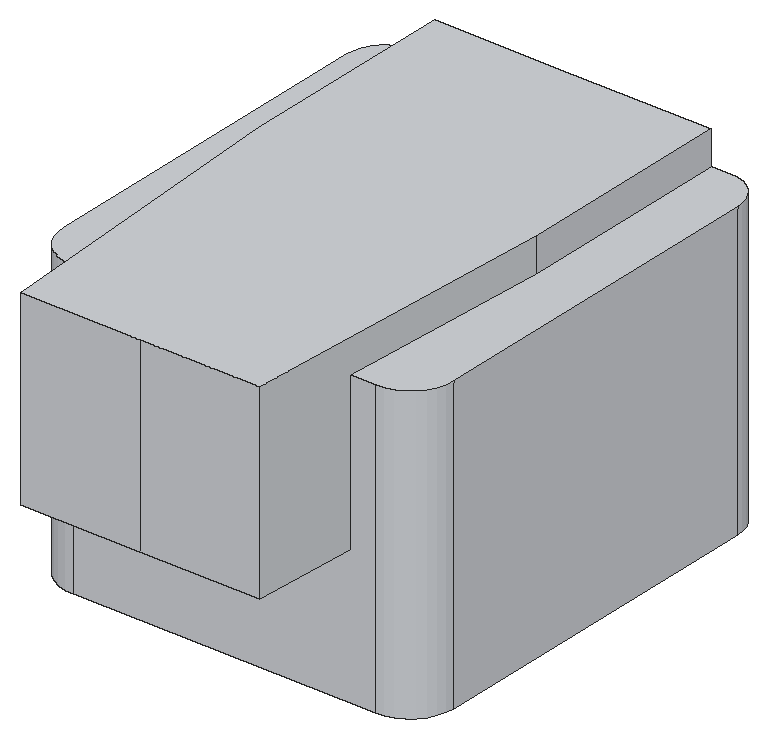
Revit family "ElectricalFixture_Hager_IP66FusedConnectionUnit", category Lighting Fixtures, host Face, Revit 2015
Parameters (values of type "WXPSSU83FO")
  _DistributedBy = "www.bimstore.co.uk"
  _CurrentRevision = 0
  _CreatedBy = "MajentaSolutions"
  _BimstoreBibleVersion = "V14"
  _BimSpecGuid = 0
  _Author = "MajentaSolutions"
  WarrantyStartDate [instance] = ""
  WarrantyGuarantorParts = "10"
  WarrantyGuarantorLabor = ""
  WarrantyDurationUnit = "Years"
  WarrantyDurationParts = 10
  WarrantyDurationLabor = 0
  WarrantyDescription = "See Manufacturer"
  Voltage = "230V/240V"
  URL = "http://www.hager.co.uk/"
  TypeName = "ElectricalFixture_IP66FusedConnectionUnit_WXPSSU83FO"
  Type Comments = Model  # "WXPSSU83FO"
  Two Way = yes
  TagNumber [instance] = ""
  Switch Width = 0 mm
  Switch Height = 0 mm
  Switch Distance From Right [instance] = 18 mm
  Switch = yes
  SustainabilityPerformance = ""
  Supply Phase = "1"
  Size = ""
  Shape = "Rectangular"
  ServiceLifeDuration = 0
  SerialNumber [instance] = EAN  # "3250617260114"
  ReplacementCost = 0
  One Way = no
  NominalWidth = 64.09 mm
  NominalLength = 103 mm
  NominalHeight = 115 mm
  NominalDepth = Extrusion From Wall + Back Plate Depth  # 55.499 mm
  NBSReference = ClassificationValue  # "Pr_65_72_97"
  NBSOfficeMasterTag = "n/a"
  NBSObjectName = "Hager_IP66FusedConnectionUnit_WXPSSU83FO"
  NBSNote = ""
  NBSDescription = Category  # "ElectricalFixture"
  ModelReference = Model  # "WXPSSU83FO"
  ModelNumber = Model  # "WXPSSU83FO"
  ModelLabel = ""
  Model = "WXPSSU83FO"
  Material = "Urea Formaldehyde Thermoset Plastic"
  ManufacturerName = "Hager"
  Manufacturer = "Hager"
  LED Indicator Switch = no
  Keynote = "16400"
  InstallationDate [instance] = ""
  IfcExportType = "ElectricalFixture"
  IfcExportAs = "ElectricalFixture"
  Grade = ""
  Frequency = "50/60Hz"
  Finish = ""
  Features = Description  # "IP6613ADoublePoleSwitchedFusedConnectionUnitWithFlexOutlet"
  Extrusion From Wall = 16.6 mm
  ExpectedLife = 25
  EAN = "3250617260114"
  DurationUnit = "Years"
  DocumentationTechnical = "http://www.hager.co.uk/product-catalogue/energy-distribution/consumer-units/design-range-of-consumer-units/design-30/51045.htm"
  DocumentationMaintenance = ""
  DocumentationLiterature = "http://www.hager.co.uk/product-catalogue/wiring-accessories/sollysta/38662.htm"
  DocumentationInstallationGuide = ""
  DocumentationCertificates = "http://www.hager.co.uk/product-catalogue/wiring-accessories/sollysta/38662.htm"
  Description = "IP6613ADoublePoleSwitchedFusedConnectionUnitWithFlexOutlet"
  Default Elevation = 500 mm
  CreatedOn = "12.06.17"
  CreatedBy = "MajentaSolutions"
  Constituents = ""
  Colour = "RAL9010WhiteGloss"
  CodePerformance = ""
  ClassificationValue = "Pr_65_72_97"
  ClassificationName = "Uniclass2015"
  Category = "ElectricalFixture"
  BarCode [instance] = ""
  Back Plate Width = 90 mm
  Back Plate Height = 90 mm
  Back Plate Depth = 38.899 mm
  BIMObjectName = "Hager_ElectricalFixture_WXPSSU83FO"
  AssetType = "Fixed"
  AssetIdentifier [instance] = ""
  Assembly Code = ""
  AccessibilityPerformance = ""
  2 Gang = no
  1Gang = no
Reference planes
  plane 1 "Center (Front/Back)": y = 0
  plane 2: z = 0
  plane 3 "Center (Left/Right)": x = 0
  plane 4: y = 55.6
  plane 5: y = -59.4
  plane 6: z = 0
  plane 7: z = 0
  plane 8: x = -51.5
  plane 9: x = 51.5
  plane 10: z = -36.101
  plane 11: z = 2.798
  plane 12: z = 19.398
  plane 13: z = 27.989
  plane 14: z = -36.101
  plane 15: x = -36.5
  plane 16: x = 36.5
Forms (mm)
  Extrusion 1, solid, detail levels fine
    sketch origin (0, 0, 0) x (1, 0, 0) y (0, 1, 0)
      loop
        line (-51.5, 45.6) -> (-51.5, -47.554)
        arc (-51.5, -47.554) -> (-48.031, -55.931) -> (-39.654, -59.4) r 11.846
        line (-39.654, -59.4) -> (39.955, -59.4)
        arc (39.955, -59.4) -> (48.119, -56.019) -> (51.5, -47.855) r 11.545
        line (51.5, -47.855) -> (51.5, 45.6)
        arc (51.5, 45.6) -> (48.571, 52.671) -> (41.5, 55.6) r 10
        line (41.5, 55.6) -> (-41.5, 55.6)
        arc (-41.5, 55.6) -> (-48.571, 52.671) -> (-51.5, 45.6) r 10
    from -36.101 to 41.274
  Extrusion 2, solid, detail levels fine
    sketch origin (0, 0, 0) x (1, 0, 0) y (0, 1, 0)
      loop
        arc (-36.5, -2.003) -> (-35.253, -44.625) -> (-31.514, -87.101) r 728.756
        line (-31.514, -87.101) -> (0, -87.101) -> (31.514, -87.101)
        arc (31.514, -87.101) -> (35.253, -44.625) -> (36.5, -2.003) r 728.756
        line (36.5, -2.003) -> (36.5, 55.6) -> (0, 55.6) -> (-36.5, 55.6) -> (-36.5, -2.003)
    from 0 to 50.117
  Extrusion 3, solid, detail levels medium
    sketch origin (0, 0, 0) x (1, 0, 0) y (0, 1, 0)
      loop
        line (-51.5, 55.6) -> (-51.5, -87.101) -> (51.5, -87.101) -> (51.5, 55.6) -> (-51.5, 55.6)
    from 0 to 50.117
Lines and regions (mm)
  symbolic lines, visible <- "Two Way", not visible, detail levels coarse
    curve 1: line (7.461, 0, 21.368) -> (-7.539, 0, 21.368)
    curve 2: line (-7.539, 0, 21.368) -> (7.461, 0, 41.274)
    curve 3: arc (7.461, 0, 41.274) -> (-0.039, 0, 48.774) -> (-7.539, 0, 41.274) r 7.5
  symbolic lines, not visible, detail levels coarse
    curve 4: circle (-22.767, 0, 31.306) r 10.367 normal (0, -1, 0)
    curve 5: line (-12.4, 0, 31.306) -> (32.6, 0, 31.306)
  symbolic lines, detail levels coarse
    curve 6: circle (22.767, 0, 31.306) r 10.367 normal (0, 1, 0)
    curve 7: line (12.4, 0, 31.306) -> (-32.6, 0, 31.306)
  symbolic lines, visible <- "Two Way", detail levels coarse
    curve 8: line (-7.461, 0, 21.368) -> (7.539, 0, 21.368)
    curve 9: line (7.539, 0, 21.368) -> (-7.461, 0, 41.274)
    curve 10: arc (-7.461, 0, 41.274) -> (0.039, 0, 48.774) -> (7.539, 0, 41.274) r 7.5
  model lines
    curve 11: line (-51.5, 45.6, 0) -> (-51.5, -47.554, 0)
    curve 12: arc (-51.5, -47.554, 0) -> (-48.031, -55.931, 0) -> (-39.654, -59.4, 0) r 11.846
    curve 13: line (-39.654, -59.4, 0) -> (39.955, -59.4, 0)
    curve 14: arc (39.955, -59.4, 0) -> (48.119, -56.019, 0) -> (51.5, -47.855, 0) r 11.545
    curve 15: line (51.5, -47.855, 0) -> (51.5, 45.6, 0)
    curve 16: arc (51.5, 45.6, 0) -> (48.571, 52.671, 0) -> (41.5, 55.6, 0) r 10
    curve 17: line (41.5, 55.6, 0) -> (-41.5, 55.6, 0)
    curve 18: arc (-41.5, 55.6, 0) -> (-48.571, 52.671, 0) -> (-51.5, 45.6, 0) r 10
    curve 19: line (-31.514, -87.101, 0) -> (0, -87.101, 0)
    curve 20: line (0, -87.101, 0) -> (31.514, -87.101, 0)
    curve 21: arc (31.514, -87.101, 0) -> (35.253, -44.625, 0) -> (36.5, -2.003, 0) r 728.756
    curve 22: line (36.5, -2.003, 0) -> (36.5, 55.6, 0)
    curve 23: line (36.5, 55.6, 0) -> (0, 55.6, 0)
    curve 24: line (0, 55.6, 0) -> (-36.5, 55.6, 0)
    curve 25: line (-36.5, 55.6, 0) -> (-36.5, -2.003, 0)
    curve 26: arc (-36.5, -2.003, 0) -> (-35.253, -44.625, 0) -> (-31.514, -87.101, 0) r 728.756
Dimensions and locks
  "NominalHeight": plane 4 to plane 5
  equal spacing: plane 8, plane 3 "Center (Left/Right)", plane 9
  "NominalLength": plane 8 to plane 9
  "Back Plate Depth": plane 11 to plane 10
  "Extrusion From Wall": plane 12 to plane 11
  "NominalWidth": plane 13 to plane 10
  plane 7 to plane 10 = 36.101 mm
  plane 3 "Center (Left/Right)" to Extrusion 1 = 51.5 mm
  equal spacing: plane 15, plane 3 "Center (Left/Right)", plane 16
  locked: plane 8 to plane 15 at 15
  aligned and locked: plane 2 to host face
  aligned and locked: level to host face
  aligned and locked: Extrusion 1 sketch curve to plane 8
  aligned and locked: Extrusion 1 sketch curve to plane 9
  aligned and locked: Extrusion 1 sketch curve to plane 5
  aligned and locked: Extrusion 1 sketch curve to plane 4
  aligned and locked: Extrusion 2 sketch curve to plane 4
  aligned and locked: plane 10 to Extrusion 1
  aligned and locked: Extrusion 2 sketch curve to plane 15
  aligned and locked: plane 16 to Extrusion 2 sketch curve
  aligned and locked: Extrusion 3 sketch curve to Extrusion 2
  aligned and locked: Extrusion 3 sketch curve to plane 8
  aligned and locked: Extrusion 3 sketch curve to plane 9
  aligned and locked: Extrusion 3 sketch curve to plane 4
  aligned and locked: curve 11 to Extrusion 1
  aligned and locked: curve 13 to Extrusion 1
  aligned and locked: curve 15 to Extrusion 1
  aligned and locked: curve 17 to Extrusion 1
  aligned and locked: curve 19 to Extrusion 2
  aligned and locked: curve 20 to Extrusion 2
  aligned and locked: curve 21 to Extrusion 2
  aligned and locked: curve 23 to Extrusion 2
  aligned and locked: curve 24 to Extrusion 2
  aligned and locked: curve 25 to Extrusion 2
  aligned and locked: curve 26 to Extrusion 2
  aligned and locked: Extrusion 3 to Extrusion 2
Automatic sketch dimensions
  host sketch curve to host sketch curve = 2438.4 mm  (x2)
  plane 8 to Extrusion 1 sketch curve = 10 mm
  Extrusion 1 sketch curve to Extrusion 1 sketch curve = 11.846 mm
  Extrusion 1 sketch curve to Extrusion 1 sketch curve = 11.545 mm
  Extrusion 1 sketch curve to Extrusion 1 sketch curve = 10 mm
  Extrusion 2 sketch curve to plane 3 "Center (Left/Right)" = 0 mm  (x2)
  plane 1 "Center (Front/Back)" to Extrusion 2 sketch curve = 2.003 mm  (x2)
  Extrusion 2 sketch curve to plane 8 = 640.756 mm
  plane 15 to Extrusion 2 sketch curve = 4.986 mm
  plane 16 to Extrusion 2 sketch curve = 4.986 mm
  plane 8 to curve 13 = 11.846 mm
  curve 16 to plane 4 = 10 mm
  curve 24 to plane 3 "Center (Left/Right)" = 0 mm
  curve 20 to plane 3 "Center (Left/Right)" = 0 mm
  curve 18 to curve 25 = 5 mm
  curve 22 to curve 14 = 3.455 mm
Connectors
  electrical at (0.038, -1.476, -36.101)
    settings: on Extrusion 1, index 1, voltage 230 V, apparent load 0 VA, apparent load phase1 0 VA, apparent load phase2 0 VA, apparent load phase3 0 VA, power factor 1, load classification "Other", number of poles 1, system type 31, power factor state 1, is connector primary yes, connector utility no, sub classification motor no, connector description ""
